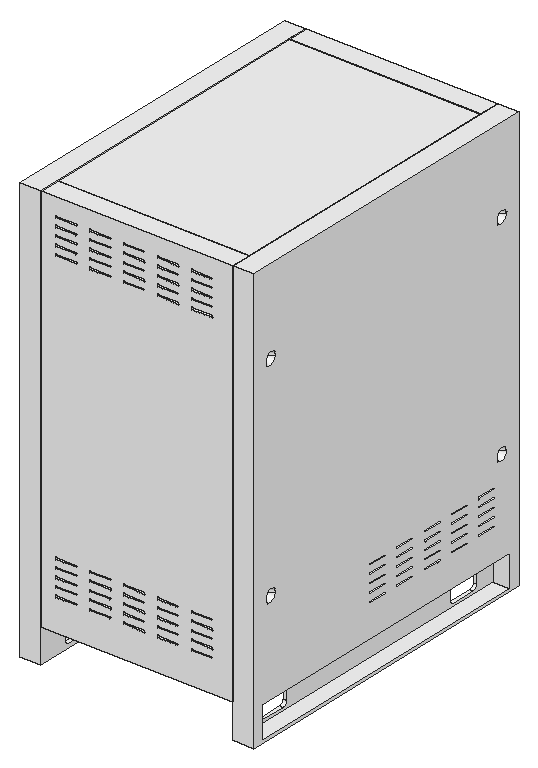
Revit family "Water Cooled_VRF_Outdoor_8-10-12HP - 380V", category Equipamento mecânico, Revit 2019
Family settings
  Cota do conector redondo = Usar raio
  Tipo de parte = Normal
  Número OmniClass = 23.75.00.00
  Título OmniClass = Climate Control (HVAC)
  Com base no plano de trabalho = Não
  Sempre na vertical = Sim
  Corte com vazios quando carregada = Não
  Compartilhado = Não
  Ponto de cálculo do ambiente = Não
Parameters (values of type "4TWH0115BK")
  clearance access right = 100.000 mm
  clearance access left = 100.000 mm
  clearance access front = 900.000 mm
  clearance access behind = 900.000 mm
  clearance [instance] = no
  Width = 780.000 mm
  Series = "TVR II"
  Rated water flow volume = 7.200 m³/h
  Power supply = "380-415V 3N~60Hz"
  Net Weight = 147.00 kg
  Modelo = "4TWH0115BK"
  Minimum Circuit Amps = 20.9 A
  Maximum Fuse Amps = 25 A
  Fabricante = "TRANE"
  Liquid pipe radius = 0.5 * Liquid pipe  # 7.950 mm
  Liquid pipe = 15.900 mm
  Installation = "Outdoor installation"
  Height = 1000.000 mm
  Heating Power Input = 7.80 kW
  Heating Capacity = 37.50 kW
  Gas pipe radius = 0.5 * Gas pipe  # 15.900 mm
  Gas pipe = 31.800 mm
  Gas = "R410A"
  Descrição = "High efficiency water cooled"
  Depth = 550.000 mm
  Cooling Power Input = 8.00 kW
  Cooling Capacity = 33.50 kW
  Condensation = "Water"
  Compressor = "1"
  Casing color = "PANTONE warm gray 2c"
Types (4, lengths in mm): name | Rated water flow volume | Net Weight | Modelo | Minimum Circuit Amps | Maximum Fuse Amps | Liquid pipe radius | Liquid pipe | Heating Power Input | Heating Capacity | Gas pipe radius | Gas pipe | Cooling Power Input | Cooling Capacity
  (no name) | 7.200 m³/h | 147.00 kg | "4TWH0115BK" | 20.9 A | 25 A | 7.950 | 15.900 | 7.80 kW | 37.50 kW | 15.900 | 31.800 | 8.00 kW | 33.50 kW
  4TWH0086BK | 5.400 m³/h | 146.00 kg | "4TWH0086BK" | 18.6 A | 20 A | 6.350 | 12.700 | 4.45 kW | 27.00 kW | 12.700 | 25.400 | 4.80 kW | 25.20 kW
  4TWH0096BK | 6.000 m³/h | 146.00 kg | "4TWH0096BK" | 18.6 A | 20 A | 6.350 | 12.700 | 5.83 kW | 31.50 kW | 12.700 | 25.400 | 6.10 kW | 28.00 kW
  4TWH0115BK | 7.200 m³/h | 147.00 kg | "4TWH0115BK" | 20.9 A | 25 A | 7.950 | 15.900 | 7.80 kW | 37.50 kW | 15.900 | 31.800 | 8.00 kW | 33.50 kW
Reference planes
  plane 1 "Center (Front/Back)": y = 0
  plane 2: z = 0
  plane 3 "Center (Left/Right)": x = 0
Forms (mm)
  Extrusion 1, solid, material "Midea White", detail levels fine
    sketch origin (500, 500, 0) x (0, -1, 0) y (0, 0, -1)
      loop
        line (-190.571, -499.619) -> (-130.571, -499.619)
        arc (-130.571, -499.619) -> (-80.571, -449.619) -> (-130.571, -399.619) r 50
        line (-130.571, -399.619) -> (-190.571, -399.619) -> (-190.571, -499.619)
    from -500 to -450
  Extrusion 2, solid, material "Midea White", detail levels fine
    sketch origin (500, 500, -135) x (0, -1, 0) y (0, 0, -1)
      loop
        line (-190.571, -499.619) -> (-130.571, -499.619)
        arc (-130.571, -499.619) -> (-80.571, -449.619) -> (-130.571, -399.619) r 50
        line (-130.571, -399.619) -> (-190.571, -399.619) -> (-190.571, -499.619)
    from -500 to -450
  Extrusion 3, solid, material "Midea White", detail levels fine
    sketch origin (500, 500, 0) x (0, -1, 0) y (0, 0, -1)
      loop
        circle (-141.454, -467.546) r 6.35
    from -500 to -365
  Extrusion 4, solid, material "Midea White", detail levels fine
    sketch origin (500, 493.75, 0) x (0, -1, 0) y (0, 0, -1)
      loop
        circle (-147.484, -434.752) r 12.7
    from -500 to -365
Lines and regions (mm)
  model lines
    curve 1: line (550, 0, 1000) -> (0, 0, 1000)
    curve 2: line (0, 0, 1000) -> (0, 780, 1000)
    curve 3: line (0, 780, 1000) -> (550, 780, 1000)
    curve 4: line (550, 780, 1000) -> (550, 0, 1000)
    curve 6: line (550, 780, 0) -> (550, 0, 0)
    curve 8: line (0, 0, 0) -> (0, 780, 0)
    curve 9: line (550, 780, 1000) -> (550, 780, 0)
    curve 10: line (0, 780, 1000) -> (0, 780, 0)
    curve 11: line (0, 0, 1000) -> (0, 0, 0)
    curve 12: line (550, 0, 0) -> (550, 0, 1000)
  model lines, detail levels coarse
    curve 5: line (0, 780, 0) -> (550, 780, 0)
    curve 7: line (550, 0, 0) -> (0, 0, 0)
Dimensions and locks
  aligned and locked: level to plane 2
Nested families
  nested 1: "daikongpingban-HXL" at (50, 780, 0) x (0, -1, 0) z (0, 0, 1), type "daikongpingban-HXL", detail levels medium+fine
    with Width 780.000 mm, Height 1000.000 mm, Depth 20.000 mm
  nested 2: "daikongpingban-HXL" at (500, 780, 0) x (0, -1, 0) z (0, 0, 1), type "daikongpingban-HXL", detail levels medium+fine
    with Width 780.000 mm, Height 1000.000 mm, Depth 20.000 mm
  nested 3: "daikongpingban2-HXL" at (500, 730, 0) x (-1, 0, 0) z (0, 0, 1), type "daikongpingban2-HXL", detail levels medium+fine
    with Width 780.000 mm, Height 1000.000 mm, Depth 20.000 mm
  nested 4: "daikongpingban2-HXL" at (500, 50, 0) x (-1, 0, 0) z (0, 0, 1), type "daikongpingban2-HXL", detail levels medium+fine
    with Width 780.000 mm, Height 1000.000 mm, Depth 20.000 mm
  nested 5: "pingban-HXL" at (50, 730, 80), type "pingban-HXL", detail levels medium+fine
    with Width 450.000 mm, Height 20.000 mm, Depth 680.000 mm
  nested 6: "pingban-HXL" at (50, 730, 980), type "pingban-HXL", detail levels medium+fine
    with Width 450.000 mm, Height 20.000 mm, Depth 680.000 mm
Connectors
  electrical at (0, 660.571, 314.619)
    settings: on Extrusion 2, index 1, voltage 380 V, apparent load 0 VA, apparent load phase1 0 VA, apparent load phase2 0 VA, apparent load phase3 0 VA, power factor 1, load classification "HVAC", number of poles 1, system type 30, power factor state 1, is connector primary yes, connector utility no, sub classification motor no, connector description ""
  piping at (0, 641.454, 467.546), diameter 15.9, driven by "Liquid pipe radius"
    settings: on Extrusion 3, index 2, connector inside diameter 0.62598", connector length 0.000 mm, flow factor 0, pipe flow 0.000 m³/h, pressure drop 0.00 psi, fitting loss kfactor 0, connector angle 0.00°, fixture units 0, engagement length 0.000 mm, angle of deflection 0.00°, flow configuration 0, flow direction 0, fitting loss method 0, system type 19, joint type 0, gender type 0, connector reference index -1, connector utility 0, adjustable connector no, is connector primary yes, connector description ""
  piping at (0, 641.234, 434.752), diameter 31.8, driven by "Gas pipe radius"
    settings: on Extrusion 4, index 3, connector inside diameter 1.25197", connector length 0.000 mm, flow factor 0, pipe flow 0.000 m³/h, pressure drop 0.00 psi, fitting loss kfactor 0, connector angle 0.00°, fixture units 0, engagement length 0.000 mm, angle of deflection 0.00°, flow configuration 0, flow direction 0, fitting loss method 0, system type 19, joint type 0, gender type 0, connector reference index -1, connector utility 0, adjustable connector no, is connector primary no, connector description ""
Definition of nested family "daikongpingban-HXL"
  Parameters
    Width [instance] = 780.000 mm
    Series = ""
    Machine material = none
    Installation = ""
    Height [instance] = 1000.000 mm
    Gas = ""
    Depth [instance] = 20.000 mm
    Condensation = ""
  Reference planes
    plane 1 "Center (Front/Back)": y = 0
    plane 2: z = 0
    plane 3 "Center (Left/Right)": x = 0
    plane 4: z = 60
    plane 5: z = 10
    plane 6: x = 710
    plane 7: x = 70
    plane 8: x = 630
  Forms (mm)
    Extrusion 1, solid, material <- "Machine material"
      sketch origin (0, 0, 0) x (1, 0, 0) y (0, 0, 1)
        loop
          line (0, 1000) -> (0, 0) -> (780, 0) -> (780, 1000) -> (0, 1000)
      from 0 to 50
    Blend 2, void
      base sketch origin (0, -10, 1000) x (0, 0, -1) y (1, 0, 0)
        loop
          circle (200, 50) r 5
      top sketch origin (0, -10, 1000) x (0, 0, -1) y (1, 0, 0)
        loop
          circle (200, 50) r 15
      from 15 to 40
    Blend 3, void
      base sketch origin (680, -10, 1000) x (0, 0, -1) y (1, 0, 0)
        loop
          circle (200, 50) r 5
      top sketch origin (680, -10, 1000) x (0, 0, -1) y (1, 0, 0)
        loop
          circle (200, 50) r 15
      from 15 to 40
    Blend 4, void
      base sketch origin (0, -10, 500) x (0, 0, -1) y (1, 0, 0)
        loop
          circle (200, 50) r 5
      top sketch origin (0, -10, 500) x (0, 0, -1) y (1, 0, 0)
        loop
          circle (200, 50) r 15
      from 15 to 40
    Blend 5, void
      base sketch origin (680, -10, 500) x (0, 0, -1) y (1, 0, 0)
        loop
          circle (200, 50) r 5
      top sketch origin (680, -10, 500) x (0, 0, -1) y (1, 0, 0)
        loop
          circle (200, 50) r 15
      from 15 to 40
    Extrusion 6, void
      sketch origin (0, -10, 1000) x (0, 0, 1) y (1, 0, 0)
        loop
          line (-940, 80) -> (-940, 140)
          arc (-940, 140) -> (-942.929, 147.071) -> (-950, 150) r 10
          line (-950, 150) -> (-980, 150)
          arc (-980, 150) -> (-987.071, 147.071) -> (-990, 140) r 10
          line (-990, 140) -> (-990, 80)
          arc (-990, 80) -> (-987.071, 72.929) -> (-980, 70) r 10
          line (-980, 70) -> (-950, 70)
          arc (-950, 70) -> (-942.929, 72.929) -> (-940, 80) r 10
        loop
          line (-940, 640) -> (-940, 700)
          arc (-940, 700) -> (-942.929, 707.071) -> (-950, 710) r 10
          line (-950, 710) -> (-980, 710)
          arc (-980, 710) -> (-987.071, 707.071) -> (-990, 700) r 10
          line (-990, 700) -> (-990, 640)
          arc (-990, 640) -> (-987.071, 632.929) -> (-980, 630) r 10
          line (-980, 630) -> (-950, 630)
          arc (-950, 630) -> (-942.929, 632.929) -> (-940, 640) r 10
      from -40 to 10
    Extrusion 7, void
      sketch origin (0, 0, 0) x (0, 1, 0) y (0, 0, 1)
        loop
          line (-50, 80) -> (-50, 4.492) -> (-8.553, 4.492) -> (-8.553, 80) -> (-50, 80)
      from 24.907 to 755.35
    Extrusion 8, void
      sketch origin (500, 500, 0) x (0, -1, 0) y (0, 0, -1)
        loop
          line (550, -240) -> (550, -235)
          arc (550, -235) -> (546.464, -236.464) -> (545, -240) r 5
          line (545, -240) -> (550, -240)
      from -430 to -380
    Extrusion 9, void
      sketch origin (580, 500, 0) x (0, -1, 0) y (0, 0, -1)
        loop
          line (550, -240) -> (550, -235)
          arc (550, -235) -> (546.464, -236.464) -> (545, -240) r 5
          line (545, -240) -> (550, -240)
      from -430 to -380
    Extrusion 10, void
      sketch origin (660, 500, 0) x (0, -1, 0) y (0, 0, -1)
        loop
          line (550, -240) -> (550, -235)
          arc (550, -235) -> (546.464, -236.464) -> (545, -240) r 5
          line (545, -240) -> (550, -240)
      from -430 to -380
    Extrusion 11, void
      sketch origin (740, 500, 0) x (0, -1, 0) y (0, 0, -1)
        loop
          line (550, -240) -> (550, -235)
          arc (550, -235) -> (546.464, -236.464) -> (545, -240) r 5
          line (545, -240) -> (550, -240)
      from -430 to -380
    Extrusion 12, void
      sketch origin (820, 500, 0) x (0, -1, 0) y (0, 0, -1)
        loop
          line (550, -240) -> (550, -235)
          arc (550, -235) -> (546.464, -236.464) -> (545, -240) r 5
          line (545, -240) -> (550, -240)
      from -430 to -380
    Extrusion 13, void
      sketch origin (500, 500, -20) x (0, -1, 0) y (0, 0, -1)
        loop
          line (550, -240) -> (550, -235)
          arc (550, -235) -> (546.464, -236.464) -> (545, -240) r 5
          line (545, -240) -> (550, -240)
      from -430 to -380
    Extrusion 14, void
      sketch origin (580, 500, -20) x (0, -1, 0) y (0, 0, -1)
        loop
          line (550, -240) -> (550, -235)
          arc (550, -235) -> (546.464, -236.464) -> (545, -240) r 5
          line (545, -240) -> (550, -240)
      from -430 to -380
    Extrusion 15, void
      sketch origin (660, 500, -20) x (0, -1, 0) y (0, 0, -1)
        loop
          line (550, -240) -> (550, -235)
          arc (550, -235) -> (546.464, -236.464) -> (545, -240) r 5
          line (545, -240) -> (550, -240)
      from -430 to -380
    Extrusion 16, void
      sketch origin (740, 500, -20) x (0, -1, 0) y (0, 0, -1)
        loop
          line (550, -240) -> (550, -235)
          arc (550, -235) -> (546.464, -236.464) -> (545, -240) r 5
          line (545, -240) -> (550, -240)
      from -430 to -380
    Extrusion 17, void
      sketch origin (820, 500, -20) x (0, -1, 0) y (0, 0, -1)
        loop
          line (550, -240) -> (550, -235)
          arc (550, -235) -> (546.464, -236.464) -> (545, -240) r 5
          line (545, -240) -> (550, -240)
      from -430 to -380
    Extrusion 18, void
      sketch origin (500, 500, -40) x (0, -1, 0) y (0, 0, -1)
        loop
          line (550, -240) -> (550, -235)
          arc (550, -235) -> (546.464, -236.464) -> (545, -240) r 5
          line (545, -240) -> (550, -240)
      from -430 to -380
    Extrusion 19, void
      sketch origin (580, 500, -40) x (0, -1, 0) y (0, 0, -1)
        loop
          line (550, -240) -> (550, -235)
          arc (550, -235) -> (546.464, -236.464) -> (545, -240) r 5
          line (545, -240) -> (550, -240)
      from -430 to -380
    Extrusion 20, void
      sketch origin (660, 500, -40) x (0, -1, 0) y (0, 0, -1)
        loop
          line (550, -240) -> (550, -235)
          arc (550, -235) -> (546.464, -236.464) -> (545, -240) r 5
          line (545, -240) -> (550, -240)
      from -430 to -380
    Extrusion 21, void
      sketch origin (740, 500, -40) x (0, -1, 0) y (0, 0, -1)
        loop
          line (550, -240) -> (550, -235)
          arc (550, -235) -> (546.464, -236.464) -> (545, -240) r 5
          line (545, -240) -> (550, -240)
      from -430 to -380
    Extrusion 22, void
      sketch origin (820, 500, -40) x (0, -1, 0) y (0, 0, -1)
        loop
          line (550, -240) -> (550, -235)
          arc (550, -235) -> (546.464, -236.464) -> (545, -240) r 5
          line (545, -240) -> (550, -240)
      from -430 to -380
    Extrusion 23, void
      sketch origin (500, 500, -60) x (0, -1, 0) y (0, 0, -1)
        loop
          line (550, -240) -> (550, -235)
          arc (550, -235) -> (546.464, -236.464) -> (545, -240) r 5
          line (545, -240) -> (550, -240)
      from -430 to -380
    Extrusion 24, void
      sketch origin (580, 500, -60) x (0, -1, 0) y (0, 0, -1)
        loop
          line (550, -240) -> (550, -235)
          arc (550, -235) -> (546.464, -236.464) -> (545, -240) r 5
          line (545, -240) -> (550, -240)
      from -430 to -380
    Extrusion 25, void
      sketch origin (660, 500, -60) x (0, -1, 0) y (0, 0, -1)
        loop
          line (550, -240) -> (550, -235)
          arc (550, -235) -> (546.464, -236.464) -> (545, -240) r 5
          line (545, -240) -> (550, -240)
      from -430 to -380
    Extrusion 26, void
      sketch origin (740, 500, -60) x (0, -1, 0) y (0, 0, -1)
        loop
          line (550, -240) -> (550, -235)
          arc (550, -235) -> (546.464, -236.464) -> (545, -240) r 5
          line (545, -240) -> (550, -240)
      from -430 to -380
    Extrusion 27, void
      sketch origin (820, 500, -60) x (0, -1, 0) y (0, 0, -1)
        loop
          line (550, -240) -> (550, -235)
          arc (550, -235) -> (546.464, -236.464) -> (545, -240) r 5
          line (545, -240) -> (550, -240)
      from -430 to -380
    Extrusion 28, void
      sketch origin (500, 500, -80) x (0, -1, 0) y (0, 0, -1)
        loop
          line (550, -240) -> (550, -235)
          arc (550, -235) -> (546.464, -236.464) -> (545, -240) r 5
          line (545, -240) -> (550, -240)
      from -430 to -380
    Extrusion 29, void
      sketch origin (580, 500, -80) x (0, -1, 0) y (0, 0, -1)
        loop
          line (550, -240) -> (550, -235)
          arc (550, -235) -> (546.464, -236.464) -> (545, -240) r 5
          line (545, -240) -> (550, -240)
      from -430 to -380
    Extrusion 30, void
      sketch origin (660, 500, -80) x (0, -1, 0) y (0, 0, -1)
        loop
          line (550, -240) -> (550, -235)
          arc (550, -235) -> (546.464, -236.464) -> (545, -240) r 5
          line (545, -240) -> (550, -240)
      from -430 to -380
    Extrusion 31, void
      sketch origin (740, 500, -80) x (0, -1, 0) y (0, 0, -1)
        loop
          line (550, -240) -> (550, -235)
          arc (550, -235) -> (546.464, -236.464) -> (545, -240) r 5
          line (545, -240) -> (550, -240)
      from -430 to -380
    Extrusion 32, void
      sketch origin (820, 500, -80) x (0, -1, 0) y (0, 0, -1)
        loop
          line (550, -240) -> (550, -235)
          arc (550, -235) -> (546.464, -236.464) -> (545, -240) r 5
          line (545, -240) -> (550, -240)
      from -430 to -380
  Cuts and joins
    Blend 2, Blend 3, Blend 4, Blend 5, Extrusion 6, Extrusion 7, Extrusion 8, Extrusion 9, Extrusion 10, Extrusion 11, Extrusion 12, Extrusion 13, Extrusion 14, Extrusion 15, Extrusion 16, Extrusion 17, Extrusion 18, Extrusion 19, Extrusion 20, Extrusion 21, Extrusion 22, Extrusion 23, Extrusion 24, Extrusion 25, Extrusion 26, Extrusion 27, Extrusion 28, Extrusion 29, Extrusion 30, Extrusion 31, Extrusion 32 cuts Extrusion 1
  Dimensions and locks
    aligned and locked: level to plane 2
Definition of nested family "daikongpingban2-HXL"
  Parameters
    Width [instance] = 780.000 mm
    Series = ""
    Machine material = none
    Installation = ""
    Height [instance] = 1000.000 mm
    Gas = ""
    Depth [instance] = 20.000 mm
    Condensation = ""
  Reference planes
    plane 1 "Center (Front/Back)": y = 0
    plane 2: z = 0
    plane 3 "Center (Left/Right)": x = 0
    plane 4: z = 80
    plane 5: x = 450
  Forms (mm)
    Extrusion 1, solid, material <- "Machine material"
      sketch origin (0, 0, 0) x (1, 0, 0) y (0, 0, 1)
        loop
          line (0, 1000) -> (0, 80) -> (450, 80) -> (450, 1000) -> (0, 1000)
      from 0 to 50
    Extrusion 2, void
      sketch origin (475, 500, 0) x (0, -1, 0) y (0, 0, -1)
        loop
          line (550, -240) -> (550, -235)
          arc (550, -235) -> (546.464, -236.464) -> (545, -240) r 5
          line (545, -240) -> (550, -240)
      from -430 to -380
    Extrusion 3, void
      sketch origin (555, 500, 0) x (0, -1, 0) y (0, 0, -1)
        loop
          line (550, -240) -> (550, -235)
          arc (550, -235) -> (546.464, -236.464) -> (545, -240) r 5
          line (545, -240) -> (550, -240)
      from -430 to -380
    Extrusion 4, void
      sketch origin (635, 500, 0) x (0, -1, 0) y (0, 0, -1)
        loop
          line (550, -240) -> (550, -235)
          arc (550, -235) -> (546.464, -236.464) -> (545, -240) r 5
          line (545, -240) -> (550, -240)
      from -430 to -380
    Extrusion 5, void
      sketch origin (715, 500, 0) x (0, -1, 0) y (0, 0, -1)
        loop
          line (550, -240) -> (550, -235)
          arc (550, -235) -> (546.464, -236.464) -> (545, -240) r 5
          line (545, -240) -> (550, -240)
      from -430 to -380
    Extrusion 6, void
      sketch origin (795, 500, 0) x (0, -1, 0) y (0, 0, -1)
        loop
          line (550, -240) -> (550, -235)
          arc (550, -235) -> (546.464, -236.464) -> (545, -240) r 5
          line (545, -240) -> (550, -240)
      from -430 to -380
    Extrusion 7, void
      sketch origin (475, 500, -20) x (0, -1, 0) y (0, 0, -1)
        loop
          line (550, -240) -> (550, -235)
          arc (550, -235) -> (546.464, -236.464) -> (545, -240) r 5
          line (545, -240) -> (550, -240)
      from -430 to -380
    Extrusion 8, void
      sketch origin (555, 500, -20) x (0, -1, 0) y (0, 0, -1)
        loop
          line (550, -240) -> (550, -235)
          arc (550, -235) -> (546.464, -236.464) -> (545, -240) r 5
          line (545, -240) -> (550, -240)
      from -430 to -380
    Extrusion 9, void
      sketch origin (635, 500, -20) x (0, -1, 0) y (0, 0, -1)
        loop
          line (550, -240) -> (550, -235)
          arc (550, -235) -> (546.464, -236.464) -> (545, -240) r 5
          line (545, -240) -> (550, -240)
      from -430 to -380
    Extrusion 10, void
      sketch origin (715, 500, -20) x (0, -1, 0) y (0, 0, -1)
        loop
          line (550, -240) -> (550, -235)
          arc (550, -235) -> (546.464, -236.464) -> (545, -240) r 5
          line (545, -240) -> (550, -240)
      from -430 to -380
    Extrusion 11, void
      sketch origin (795, 500, -20) x (0, -1, 0) y (0, 0, -1)
        loop
          line (550, -240) -> (550, -235)
          arc (550, -235) -> (546.464, -236.464) -> (545, -240) r 5
          line (545, -240) -> (550, -240)
      from -430 to -380
    Extrusion 12, void
      sketch origin (475, 500, -40) x (0, -1, 0) y (0, 0, -1)
        loop
          line (550, -240) -> (550, -235)
          arc (550, -235) -> (546.464, -236.464) -> (545, -240) r 5
          line (545, -240) -> (550, -240)
      from -430 to -380
    Extrusion 13, void
      sketch origin (555, 500, -40) x (0, -1, 0) y (0, 0, -1)
        loop
          line (550, -240) -> (550, -235)
          arc (550, -235) -> (546.464, -236.464) -> (545, -240) r 5
          line (545, -240) -> (550, -240)
      from -430 to -380
    Extrusion 14, void
      sketch origin (635, 500, -40) x (0, -1, 0) y (0, 0, -1)
        loop
          line (550, -240) -> (550, -235)
          arc (550, -235) -> (546.464, -236.464) -> (545, -240) r 5
          line (545, -240) -> (550, -240)
      from -430 to -380
    Extrusion 15, void
      sketch origin (715, 500, -40) x (0, -1, 0) y (0, 0, -1)
        loop
          line (550, -240) -> (550, -235)
          arc (550, -235) -> (546.464, -236.464) -> (545, -240) r 5
          line (545, -240) -> (550, -240)
      from -430 to -380
    Extrusion 16, void
      sketch origin (795, 500, -40) x (0, -1, 0) y (0, 0, -1)
        loop
          line (550, -240) -> (550, -235)
          arc (550, -235) -> (546.464, -236.464) -> (545, -240) r 5
          line (545, -240) -> (550, -240)
      from -430 to -380
    Extrusion 17, void
      sketch origin (475, 500, -60) x (0, -1, 0) y (0, 0, -1)
        loop
          line (550, -240) -> (550, -235)
          arc (550, -235) -> (546.464, -236.464) -> (545, -240) r 5
          line (545, -240) -> (550, -240)
      from -430 to -380
    Extrusion 18, void
      sketch origin (555, 500, -60) x (0, -1, 0) y (0, 0, -1)
        loop
          line (550, -240) -> (550, -235)
          arc (550, -235) -> (546.464, -236.464) -> (545, -240) r 5
          line (545, -240) -> (550, -240)
      from -430 to -380
    Extrusion 19, void
      sketch origin (635, 500, -60) x (0, -1, 0) y (0, 0, -1)
        loop
          line (550, -240) -> (550, -235)
          arc (550, -235) -> (546.464, -236.464) -> (545, -240) r 5
          line (545, -240) -> (550, -240)
      from -430 to -380
    Extrusion 20, void
      sketch origin (715, 500, -60) x (0, -1, 0) y (0, 0, -1)
        loop
          line (550, -240) -> (550, -235)
          arc (550, -235) -> (546.464, -236.464) -> (545, -240) r 5
          line (545, -240) -> (550, -240)
      from -430 to -380
    Extrusion 21, void
      sketch origin (795, 500, -60) x (0, -1, 0) y (0, 0, -1)
        loop
          line (550, -240) -> (550, -235)
          arc (550, -235) -> (546.464, -236.464) -> (545, -240) r 5
          line (545, -240) -> (550, -240)
      from -430 to -380
    Extrusion 22, void
      sketch origin (475, 500, -80) x (0, -1, 0) y (0, 0, -1)
        loop
          line (550, -240) -> (550, -235)
          arc (550, -235) -> (546.464, -236.464) -> (545, -240) r 5
          line (545, -240) -> (550, -240)
      from -430 to -380
    Extrusion 23, void
      sketch origin (555, 500, -80) x (0, -1, 0) y (0, 0, -1)
        loop
          line (550, -240) -> (550, -235)
          arc (550, -235) -> (546.464, -236.464) -> (545, -240) r 5
          line (545, -240) -> (550, -240)
      from -430 to -380
    Extrusion 24, void
      sketch origin (635, 500, -80) x (0, -1, 0) y (0, 0, -1)
        loop
          line (550, -240) -> (550, -235)
          arc (550, -235) -> (546.464, -236.464) -> (545, -240) r 5
          line (545, -240) -> (550, -240)
      from -430 to -380
    Extrusion 25, void
      sketch origin (715, 500, -80) x (0, -1, 0) y (0, 0, -1)
        loop
          line (550, -240) -> (550, -235)
          arc (550, -235) -> (546.464, -236.464) -> (545, -240) r 5
          line (545, -240) -> (550, -240)
      from -430 to -380
    Extrusion 26, void
      sketch origin (795, 500, -80) x (0, -1, 0) y (0, 0, -1)
        loop
          line (550, -240) -> (550, -235)
          arc (550, -235) -> (546.464, -236.464) -> (545, -240) r 5
          line (545, -240) -> (550, -240)
      from -430 to -380
    Extrusion 27, void
      sketch origin (475, 500, 720) x (0, -1, 0) y (0, 0, -1)
        loop
          line (550, -240) -> (550, -235)
          arc (550, -235) -> (546.464, -236.464) -> (545, -240) r 5
          line (545, -240) -> (550, -240)
      from -430 to -380
    Extrusion 28, void
      sketch origin (555, 500, 720) x (0, -1, 0) y (0, 0, -1)
        loop
          line (550, -240) -> (550, -235)
          arc (550, -235) -> (546.464, -236.464) -> (545, -240) r 5
          line (545, -240) -> (550, -240)
      from -430 to -380
    Extrusion 29, void
      sketch origin (635, 500, 720) x (0, -1, 0) y (0, 0, -1)
        loop
          line (550, -240) -> (550, -235)
          arc (550, -235) -> (546.464, -236.464) -> (545, -240) r 5
          line (545, -240) -> (550, -240)
      from -430 to -380
    Extrusion 30, void
      sketch origin (715, 500, 720) x (0, -1, 0) y (0, 0, -1)
        loop
          line (550, -240) -> (550, -235)
          arc (550, -235) -> (546.464, -236.464) -> (545, -240) r 5
          line (545, -240) -> (550, -240)
      from -430 to -380
    Extrusion 31, void
      sketch origin (795, 500, 720) x (0, -1, 0) y (0, 0, -1)
        loop
          line (550, -240) -> (550, -235)
          arc (550, -235) -> (546.464, -236.464) -> (545, -240) r 5
          line (545, -240) -> (550, -240)
      from -430 to -380
    Extrusion 32, void
      sketch origin (475, 500, 700) x (0, -1, 0) y (0, 0, -1)
        loop
          line (550, -240) -> (550, -235)
          arc (550, -235) -> (546.464, -236.464) -> (545, -240) r 5
          line (545, -240) -> (550, -240)
      from -430 to -380
    Extrusion 33, void
      sketch origin (555, 500, 700) x (0, -1, 0) y (0, 0, -1)
        loop
          line (550, -240) -> (550, -235)
          arc (550, -235) -> (546.464, -236.464) -> (545, -240) r 5
          line (545, -240) -> (550, -240)
      from -430 to -380
    Extrusion 34, void
      sketch origin (635, 500, 700) x (0, -1, 0) y (0, 0, -1)
        loop
          line (550, -240) -> (550, -235)
          arc (550, -235) -> (546.464, -236.464) -> (545, -240) r 5
          line (545, -240) -> (550, -240)
      from -430 to -380
    Extrusion 35, void
      sketch origin (715, 500, 700) x (0, -1, 0) y (0, 0, -1)
        loop
          line (550, -240) -> (550, -235)
          arc (550, -235) -> (546.464, -236.464) -> (545, -240) r 5
          line (545, -240) -> (550, -240)
      from -430 to -380
    Extrusion 36, void
      sketch origin (795, 500, 700) x (0, -1, 0) y (0, 0, -1)
        loop
          line (550, -240) -> (550, -235)
          arc (550, -235) -> (546.464, -236.464) -> (545, -240) r 5
          line (545, -240) -> (550, -240)
      from -430 to -380
    Extrusion 37, void
      sketch origin (475, 500, 680) x (0, -1, 0) y (0, 0, -1)
        loop
          line (550, -240) -> (550, -235)
          arc (550, -235) -> (546.464, -236.464) -> (545, -240) r 5
          line (545, -240) -> (550, -240)
      from -430 to -380
    Extrusion 38, void
      sketch origin (555, 500, 680) x (0, -1, 0) y (0, 0, -1)
        loop
          line (550, -240) -> (550, -235)
          arc (550, -235) -> (546.464, -236.464) -> (545, -240) r 5
          line (545, -240) -> (550, -240)
      from -430 to -380
    Extrusion 39, void
      sketch origin (635, 500, 680) x (0, -1, 0) y (0, 0, -1)
        loop
          line (550, -240) -> (550, -235)
          arc (550, -235) -> (546.464, -236.464) -> (545, -240) r 5
          line (545, -240) -> (550, -240)
      from -430 to -380
    Extrusion 40, void
      sketch origin (715, 500, 680) x (0, -1, 0) y (0, 0, -1)
        loop
          line (550, -240) -> (550, -235)
          arc (550, -235) -> (546.464, -236.464) -> (545, -240) r 5
          line (545, -240) -> (550, -240)
      from -430 to -380
    Extrusion 41, void
      sketch origin (795, 500, 680) x (0, -1, 0) y (0, 0, -1)
        loop
          line (550, -240) -> (550, -235)
          arc (550, -235) -> (546.464, -236.464) -> (545, -240) r 5
          line (545, -240) -> (550, -240)
      from -430 to -380
    Extrusion 42, void
      sketch origin (475, 500, 660) x (0, -1, 0) y (0, 0, -1)
        loop
          line (550, -240) -> (550, -235)
          arc (550, -235) -> (546.464, -236.464) -> (545, -240) r 5
          line (545, -240) -> (550, -240)
      from -430 to -380
    Extrusion 43, void
      sketch origin (555, 500, 660) x (0, -1, 0) y (0, 0, -1)
        loop
          line (550, -240) -> (550, -235)
          arc (550, -235) -> (546.464, -236.464) -> (545, -240) r 5
          line (545, -240) -> (550, -240)
      from -430 to -380
    Extrusion 44, void
      sketch origin (635, 500, 660) x (0, -1, 0) y (0, 0, -1)
        loop
          line (550, -240) -> (550, -235)
          arc (550, -235) -> (546.464, -236.464) -> (545, -240) r 5
          line (545, -240) -> (550, -240)
      from -430 to -380
    Extrusion 45, void
      sketch origin (715, 500, 660) x (0, -1, 0) y (0, 0, -1)
        loop
          line (550, -240) -> (550, -235)
          arc (550, -235) -> (546.464, -236.464) -> (545, -240) r 5
          line (545, -240) -> (550, -240)
      from -430 to -380
    Extrusion 46, void
      sketch origin (795, 500, 660) x (0, -1, 0) y (0, 0, -1)
        loop
          line (550, -240) -> (550, -235)
          arc (550, -235) -> (546.464, -236.464) -> (545, -240) r 5
          line (545, -240) -> (550, -240)
      from -430 to -380
    Extrusion 47, void
      sketch origin (475, 500, 640) x (0, -1, 0) y (0, 0, -1)
        loop
          line (550, -240) -> (550, -235)
          arc (550, -235) -> (546.464, -236.464) -> (545, -240) r 5
          line (545, -240) -> (550, -240)
      from -430 to -380
    Extrusion 48, void
      sketch origin (555, 500, 640) x (0, -1, 0) y (0, 0, -1)
        loop
          line (550, -240) -> (550, -235)
          arc (550, -235) -> (546.464, -236.464) -> (545, -240) r 5
          line (545, -240) -> (550, -240)
      from -430 to -380
    Extrusion 49, void
      sketch origin (635, 500, 640) x (0, -1, 0) y (0, 0, -1)
        loop
          line (550, -240) -> (550, -235)
          arc (550, -235) -> (546.464, -236.464) -> (545, -240) r 5
          line (545, -240) -> (550, -240)
      from -430 to -380
    Extrusion 50, void
      sketch origin (715, 500, 640) x (0, -1, 0) y (0, 0, -1)
        loop
          line (550, -240) -> (550, -235)
          arc (550, -235) -> (546.464, -236.464) -> (545, -240) r 5
          line (545, -240) -> (550, -240)
      from -430 to -380
    Extrusion 51, void
      sketch origin (795, 500, 640) x (0, -1, 0) y (0, 0, -1)
        loop
          line (550, -240) -> (550, -235)
          arc (550, -235) -> (546.464, -236.464) -> (545, -240) r 5
          line (545, -240) -> (550, -240)
      from -430 to -380
  Cuts and joins
    Extrusion 2, Extrusion 3, Extrusion 4, Extrusion 5, Extrusion 6, Extrusion 7, Extrusion 8, Extrusion 9, Extrusion 10, Extrusion 11, Extrusion 12, Extrusion 13, Extrusion 14, Extrusion 15, Extrusion 16, Extrusion 17, Extrusion 18, Extrusion 19, Extrusion 20, Extrusion 21, Extrusion 22, Extrusion 23, Extrusion 24, Extrusion 25, Extrusion 26, Extrusion 27, Extrusion 28, Extrusion 29, Extrusion 30, Extrusion 31, Extrusion 32, Extrusion 33, Extrusion 34, Extrusion 35, Extrusion 36, Extrusion 37, Extrusion 38, Extrusion 39, Extrusion 40, Extrusion 41, Extrusion 42, Extrusion 43, Extrusion 44, Extrusion 45, Extrusion 46, Extrusion 47, Extrusion 48, Extrusion 49, Extrusion 50, Extrusion 51 cuts Extrusion 1
  Dimensions and locks
    aligned and locked: level to plane 2
Definition of nested family "pingban-HXL"
  Parameters
    Width [instance] = 65.000 mm
    Series = ""
    Machine material = none
    Installation = ""
    Height [instance] = 100.000 mm
    Gas = ""
    Depth [instance] = 5.000 mm
    Condensation = ""
  Reference planes
    plane 1 "Center (Front/Back)": y = 0
    plane 2: z = 0
    plane 3 "Center (Left/Right)": x = 0
    plane 4: z = 160
    plane 5: x = 65
  Forms (mm)
    Extrusion 1, solid, material <- "Machine material"
      sketch origin (0, 0, 0) x (1, 0, 0) y (0, 0, 1)
        loop
          line (0, 100) -> (0, 0) -> (65, 0) -> (65, 100) -> (0, 100)
      from 0 to 5
  Dimensions and locks
    "Width": Extrusion 1 to plane 3 "Center (Left/Right)"
    "Height": Extrusion 1 to level
    "Depth": Extrusion 1 to plane 1 "Center (Front/Back)"
    aligned and locked: level to plane 2
  Automatic sketch dimensions
    Extrusion 1 sketch curve to plane 3 "Center (Left/Right)" = 0.000 mm
    Extrusion 1 sketch curve to level = 0.000 mm
    Extrusion 1 sketch curve to plane 5 = 0.000 mm
    Extrusion 1 sketch curve to plane 4 = 60.000 mm
